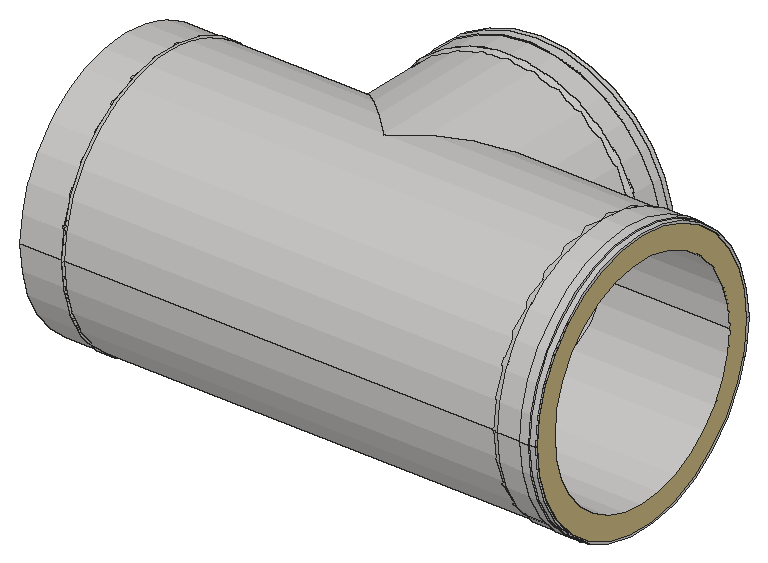
Revit family "Construction_Chimney_Oli_INOX-TEE-MALE-90°-DW", category Pipe Fittings, Revit 2015
Parameters
  Youtube clip = ""
  Weight Net (Kg) = ""
  Virtual Socket Type [instance] = Socket Type : Positive
  Virtual Socket [instance] = no
  Uniformat II Description = ""
  Uniformat II Code = ""
  Uniclass 2015 Name = ""
  Uniclass 2015 Code = ""
  Uniclass 2.0 Description = ""
  Uniclass 2.0 Code = ""
  Uniclass 1.4 Description = ""
  Uniclass 1.4 Code = ""
  URL = "www.olisrl.it"
  UNSPSC Code = ""
  Type of Element = "Junction"  # constant formula
  Type Image = OL016218_Tee maschio 90° INOX DP.jpg
  Twist Socket [instance] = if(Nominal Diameter = 80 mm, 1 = 1, if(Nominal Diameter = 100 mm, 1 = 1, if(Nominal Diameter = 130 mm, 1 = 1, if(Nominal Diameter = 150 mm, 1 = 1, if(Nominal Diameter = 180 mm, 1 = 1, if(Nominal Diameter = 200 mm, 1 = 1, 1 = 0))))))  # no
  Traditional Socket [instance] = not(Twist Socket)  # yes
  Termal resistance [instance] = if(Nominal Diameter = 130 mm, "0,36 m2k/W", if(Nominal Diameter = 150 mm, "0,37 m2k/W", if(Nominal Diameter = 180 mm, "0,39 m2k/W", if(Nominal Diameter = 200 mm, "0,40 m2k/W", if(Nominal Diameter = 230 mm, "0,41 m2k/W", if(Nominal Diameter = 250 mm, "0,42 m2k/W", if(Nominal Diameter = 300 mm, "0,42 m2k/W", if(Nominal Diameter = 350 mm, "0,42 m2k/W", if(Nominal Diameter = 400 mm, "0,43 m2k/W", if(Nominal Diameter = 450 mm, "0,43 m2k/W", "NA"))))))))))  # "0,42 m2k/W"
  Technical description = "http://www.olisrl.it/download/C_OLIFLEX_A80-2_IT-GB.pdf"
  Region South America = "All"
  Region Oceania = "All"
  Region North America = "All"
  Region Middle East = "All"
  Region Europe = "All"
  Region Asia = "All"
  Region Antarctica = "All"
  Region Africa = "All"
  QR code = "http://bimobject.com/oli/product/OL016218-stainless-steel-pipe-rigid-element-chimney-Condensing-gas-boilers-Kitchen-wood-pellet"
  Product url = "http://www.olisrl.it/download/VOCE%20di%20CAPITOLATO_OLIflex_DP25_Inox-ISOLATO-Lana_rev2.pdf"
  Product group = "TEE MALE 90° DW"
  Product family = "OLIFLEX D.P. Inox 25 Mineral Wool insulation"
  Product data url = "https://bimobject.com/oli/product/OL016218-stainless-steel-pipe-rigid-element-chimney-Condensing-gas-boilers-Kitchen-wood-pellet"
  Product certification = "http://www.olisrl.it/download/Oliflex-DP01.pdf"
  Product SKU = "OL016218-stainless-steel-pipe-rigid-element-chimney-Condensing-gas-boilers-Kitchen-wood-pellet"
  Product Material = Stainless Steel - Oli - Corrosion resistant
  Product Guid = "7e4b48be-00d6-4a58-92ba-4ea4be6740c5"
  Product Family = "OLIFLEX D.P. Inox 25 Mineral Wool insulation"  # constant formula
  Positive Socket [instance] = Socket Type : Positive
  Positive 3 [instance] = and(Virtual Socket Type = Positive Socket, Fake Traditional Socket)  # no
  Positive 2 [instance] = and(Virtual Socket Type = Positive Socket, Fake Twist Socket)  # no
  Positive 1 [instance] = and(Virtual Socket Type = Positive Socket, Traditional Socket)  # yes
  Positive [instance] = and(Virtual Socket Type = Positive Socket, Twist Socket)  # no
  OmniClass Description = ""
  OmniClass Code = ""
  Note [instance] = if(Nominal Diameter = 130 mm, "Dist. to combustible material = T200 (O 00 mm.) / T600 (G 65 mm.)", if(Nominal Diameter = 150 mm, "Dist. to combustible material = T200 (O 00 mm.) / T600 (G 65 mm.)", if(Nominal Diameter = 180 mm, "Dist. to combustible material = T200 (O 00 mm.) / T600 (G 65 mm.)", if(Nominal Diameter = 200 mm, "Dist. to combustible material = T200 (O 00 mm.) / T600 (G 65 mm.)", if(Nominal Diameter = 230 mm, "Dist. to combustible material = T200 (O 00 mm.) / T600 (G 65 mm.)", if(Nominal Diameter = 250 mm, "Dist. to combustible material = T200 (O 00 mm.) / T600 (G 65 mm.)", if(Nominal Diameter = 300 mm, "Dist. to combustible material = T200 (O 00 mm.) / T600 (G 65 mm.)", if(Nominal Diameter = 350 mm, "Dist. to combustible material = T200 (O 00 mm.) / T600 (G 98 mm.)", if(Nominal Diameter = 400 mm, "Dist. to combustible material = T200 (O 00 mm.) / T600 (G 98 mm.)", if(Nominal Diameter = 450 mm, "Dist. to combustible material = T200 (O 00 mm.) / T600 (G 98 mm.)", "NA"))))))))))  # "Dist. to combustible material = T200 (O 00 mm.) / T600 (G 65 mm.)"
  Not VS2 [instance] = and(not(Virtual Socket), Virtual Socket Type = Positive Socket)  # yes
  Not VS1 [instance] = and(not(Virtual Socket), Virtual Socket Type = Negative Socket)  # no
  Nominal width = 0 mm
  Nominal height = 0 mm
  Nominal Diameter [instance] = 250 mm
  Negative Socket [instance] = Socket Type : Negative
  Negative 3 [instance] = and(Virtual Socket Type = Negative Socket, Fake Traditional Socket)  # no
  Negative 2 [instance] = and(Virtual Socket Type = Negative Socket, Fake Twist Socket)  # no
  Negative 1 [instance] = and(Virtual Socket Type = Negative Socket, Traditional Socket)  # no
  Negative [instance] = and(Twist Socket, Virtual Socket Type = Negative Socket)  # no
  ND2 [instance] = Outside Diameter / 2 + 2 mm  # 152 mm
  ND1 [instance] = Outside Diameter / 2  # 150 mm
  ND [instance] = Outside Diameter / 2 - 5 mm  # 145 mm
  NBS Reference Description = ""
  NBS Reference Code = ""
  Model Description [instance] = if(Nominal Diameter = 130 mm, "TEE MALE 90° DW Diam. 80", if(Nominal Diameter = 150 mm, "TEE MALE 90° DW Diam. 100", if(Nominal Diameter = 180 mm, "TEE MALE 90° DW Diam. 130", if(Nominal Diameter = 200 mm, "TEE MALE 90° DW Diam. 150", if(Nominal Diameter = 230 mm, "TEE MALE 90° DW Diam. 180", if(Nominal Diameter = 250 mm, "TEE MALE 90° DW Diam. 200", if(Nominal Diameter = 300 mm, "TEE MALE 90° DW Diam. 250", if(Nominal Diameter = 350 mm, "TEE MALE 90° DW Diam. 300", if(Nominal Diameter = 400 mm, "TEE MALE 90° DW Diam. 350", if(Nominal Diameter = 450 mm, "TEE MALE 90° DW Diam. 400", "NA"))))))))))  # "TEE MALE 90° DW Diam. 200"
  Maximum Temperature = "without seal +600° C (temp. test. +700° C) - with seal +200° C (temp. test. +250° C)"  # constant formula
  Material secondary = "Polished stainless steel - Est. AISI 304"
  Material main = "Stainless steel"
  Material = "Int. AISI 316 sp. 0,5 mm. - Est. AISI 304 sp. 0,5 mm."
  Masterformat 2014 Description = ""
  Masterformat 2014 Code = ""
  Manufacturer name = "Oli"
  Manufacturer country = "Italy"
  Manufacturer = "Oli"  # constant formula
  Lookup Table Name [instance] = "Oli_male_TEE_90"
  L [instance] = size_lookup(Lookup Table Name, "L", 0 mm, Nominal Diameter)  # 540 mm
  Keynote = "15200"
  Insulazione tipe = "25 mm. - Mineral Wood"  # constant formula
  Installation instructions = "http://www.olisrl.it/download/C_OLIFLEX_A80-2_IT-GB.pdf"
  Outside Diameter [instance] = size_lookup(Lookup Table Name, "D1", 0 mm, Nominal Diameter)  # 300 mm
  IFC Classification = ""
  Fire Resistence = "without seal \"G\" (Resistant to the soot fire) - with seal \"O\" (Not resistant to the soot fire)"
  Fake Twist Socket [instance] = and(Virtual Socket, Twist Socket)  # no
  Fake Traditional Socket [instance] = and(Virtual Socket, Traditional Socket)  # no
  Edition number = 1
  EAN code = ""
  Dimensions [instance] = if(Nominal Diameter = 130 mm, "Int. 80 mm. - est. 130 mm. - sp. 25 mm.", if(Nominal Diameter = 150 mm, "Int. 100 mm. - est. 150 mm. - sp. 25 mm.", if(Nominal Diameter = 180 mm, "Int. 130 mm. - est. 180 mm. - sp. 25 mm.", if(Nominal Diameter = 200 mm, "Int. 150 mm. - est. 200 mm. - sp. 25 mm.", if(Nominal Diameter = 230 mm, "Int. 180 mm. - est. 230 mm. - sp. 25 mm.", if(Nominal Diameter = 250 mm, "Int. 200 mm. - est. 250 mm. - sp. 25 mm.", if(Nominal Diameter = 300 mm, "Int. 250 mm. - est. 300 mm. - sp. 25 mm.", if(Nominal Diameter = 350 mm, "Int. 300 mm. - est. 350 mm. - sp. 25 mm.", if(Nominal Diameter = 400 mm, "Int. 350 mm. - est. 400 mm. - sp. 25 mm.", if(Nominal Diameter = 450 mm, "Int. 400 mm. - est. 450 mm. - sp. 25 mm.", "NA"))))))))))  # "Int. 200 mm. - est. 250 mm. - sp. 25 mm."
  Design country = "Italy"
  Description = "Tee male 90°, CE certified product in according with EN 1856-1, is a system in Polished Stainless Steel for removal of the combustion products from condensation boilers, Kitchen and solid (Pellet - Wood) and liquid fuell . Produced in 80-130-150-180-200-250-300-350-400 mm diameters. This new system, composed of circular modular elements, resists both positive pressure (200 Pa - P1) and negative pressure (40 Pa depression). The OLIflex D.P. Inox 25 system is used principally for both the discharge of the products of combustion from domestic and industial boilers, wood and pellet stoes and fireplaces. D.P. Inox 25 is resistant to the soot fire (G) and the maximun operating temperature is T 600° and the product must guarantee a perfect seal against acidic condensation (corrosion class V2) in dry and wet conditions."  # constant formula
  Date of publishing = ""
  Construction Standard = "EN 1856-1 - chimney system"  # constant formula
  Connector 2 [instance] = if(Virtual Socket Type = Positive Socket, C / 2, (C / 2) - 50 mm)  # 295 mm
  Connector 1 [instance] = if(Virtual Socket Type = Negative Socket, C / 2, (C / 2) - 50 mm)  # 245 mm
  Connection elements [instance] = if(Nominal Diameter = 130 mm, "Quick screw connection - No lolocking band required", if(Nominal Diameter = 150 mm, "Quick screw connection - No lolocking band required", if(Nominal Diameter = 180 mm, "Quick screw connection - No lolocking band required", if(Nominal Diameter = 200 mm, "Quick screw connection - No lolocking band required", if(Nominal Diameter = 230 mm, "Quick screw connection - No lolocking band required", if(Nominal Diameter = 250 mm, "Quick screw connection - No lolocking band required", if(Nominal Diameter = 300 mm, "Quick screw connection - No lolocking band required", if(Nominal Diameter = 350 mm, "Male/Female connection - Requires locking band", if(Nominal Diameter = 400 mm, "Male/Female connection - Requires locking band", if(Nominal Diameter = 450 mm, "Male/Female connection - Requires locking band", "NA"))))))))))  # "Quick screw connection - No lolocking band required"
  Colors = "Polished stainless steel"  # constant formula
  COBIe Type Category = ""
  CE Designation/Performance without seal [instance] = if(Nominal Diameter = 130 mm, "T600 N1 D V2 L50050 G65", if(Nominal Diameter = 150 mm, "T600 N1 D V2 L50050 G65", if(Nominal Diameter = 180 mm, "T600 N1 D V2 L50050 G65", if(Nominal Diameter = 200 mm, "T600 N1 D V2 L50050 G65", if(Nominal Diameter = 230 mm, "T600 N1 D V2 L50050 G65", if(Nominal Diameter = 250 mm, "T600 N1 D V2 L50050 G65", if(Nominal Diameter = 300 mm, "T600 N1 D V2 L50050 G65", if(Nominal Diameter = 350 mm, "T600 N1 D V2 L50050 G98", if(Nominal Diameter = 400 mm, "T600 N1 D V2 L50050 G98", if(Nominal Diameter = 450 mm, "T600 N1 D V2 L50050 G98", "NA"))))))))))  # "T600 N1 D V2 L50050 G65"
  CE Designation/Performance with seal = "T200 P1 W V2 L50050 O00"  # constant formula
  C [instance] = size_lookup(Lookup Table Name, "C", 0 mm, Nominal Diameter)  # 590 mm
  Brand url = "http://www.oli-world.com"
  BIMobject main category code = ""
  BIMobject main category = ""
  BIMobject category code = ""
  BIMobject category = ""
  B' [instance] = B + Nominal Diameter / 2  # 225 mm
  B [instance] = size_lookup(Lookup Table Name, "B", 0 mm, Nominal Diameter)  # 100 mm
  Available Sizes [instance] = "80, 100, 130, 150, 180, 200, 250, 300, 350, 400 mm"  # constant formula
  Assembly Code = "D30"
  Article Number [instance] = size_lookup(Lookup Table Name, "", " NA ", Nominal Diameter)  # "OL0162187"
  Application = "Gas normale e a condensazione + Combust. Solidi e Liquidi"  # constant formula
  Angle [instance] = 90.00°  # constant formula
  A(1/3) [instance] = A * 1 / 3  # 16.667 mm
  A [instance] = size_lookup(Lookup Table Name, "A", 0 mm, Nominal Diameter)  # 50 mm
Reference planes
  plane 1 "Center (Front/Back)": y = 0
  plane 2: z = 0
  plane 3 "Center (Left/Right)": x = 0
  plane 4: x = -295
  plane 5: x = 295
  plane 6: y = 225
Forms (mm)
  Sweep 1, solid, material "Stainless Steel - Oli - Corrosion resistant" <- "Product Material", detail levels fine
    path origin (0, 0, 0) x (1, 0, 0) y (0, 1, 0)
      loop
        line (-295, 0) -> (295, 0)
    profile origin (0, 0, 0) x (0, 1, 0) y (0, 0, 1)
      loop
        circle (0, 0) r 150
      loop
        circle (0, 0) r 125
  Sweep 2, solid, material "Stainless Steel - Oli - Corrosion resistant" <- "Product Material", detail levels fine
    path origin (0, 0, 0) x (1, 0, 0) y (0, 1, 0)
      loop
        line (0, 225) -> (0, 0)
    profile origin (0, 112.5, 0) x (1, 0, 0) y (0, 0, 1)
      loop
        circle (0, 0) r 150
      loop
        circle (0, 0) r 125
  Sweep 3, void
    path origin (0, 0, 0) x (1, 0, 0) y (0, 1, 0)
      loop
        line (-150, 0) -> (150, 0)
    profile origin (0, 0, 0) x (0, 1, 0) y (0, 0, 1)
      loop
        circle (0, 0) r 125
  Revolve 4, solid, material "Stainless Steel - Oli - Corrosion resistant" <- "Product Material", visible <- "Negative 1", detail levels fine
    sketch origin (0, 0, 0) x (-1, 0, 0) y (0, 1, 0)
      loop
        line (295, 150) -> (295, 152) -> (288, 152) -> (288, 153) -> (278.333, 153) -> (278.333, 152) -> (252, 152) -> (245, 150) -> (295, 150)
      axis (245, 0) -> (295, 0)
    angle from 0 to 360
  Revolve 5, solid, material "Stainless Steel - Oli - Corrosion resistant" <- "Product Material", visible <- "Traditional Socket", detail levels fine
    sketch origin (0, 5, 0) x (0, 1, 0) y (1, 0, 0)
      loop
        line (220, 150) -> (220, 152) -> (213, 152) -> (213, 153) -> (203.333, 153) -> (203.333, 152) -> (177, 152) -> (170, 150) -> (220, 150)
      axis (170, 0) -> (220, 0)
    angle from 0 to 360
  Revolve 6, solid, material "Stainless Steel - Oli - Corrosion resistant" <- "Product Material", visible <- "Negative", detail levels fine
    sketch origin (0, 0, 0) x (1, 0, 0) y (0, 1, 0)
      loop
        line (-295, 150) -> (-245, 150) -> (-252, 152) -> (-262, 152) -> (-262, 151.2) -> (-267, 151.2) -> (-267, 152) -> (-275, 152) -> (-275, 153.037) -> (-285, 153.037) -> (-285, 152) -> (-295, 152) -> (-295, 150)
      axis (-295, 0) -> (-245, 0)
    angle from 0 to 360
  Revolve 7, solid, material "Stainless Steel - Oli - Corrosion resistant" <- "Product Material", visible <- "Twist Socket", detail levels fine
    sketch origin (0, 5, 0) x (0, -1, 0) y (1, 0, 0)
      loop
        line (-220, 150) -> (-170, 150) -> (-177, 152) -> (-187, 152) -> (-187, 151.205) -> (-192, 151.205) -> (-192, 152) -> (-200, 152) -> (-200, 152.97) -> (-210, 152.97) -> (-210, 152) -> (-220, 152) -> (-220, 150)
      axis (-220, 0) -> (-170, 0)
    angle from 0 to 360
  Revolve 8, solid, material "Stainless Steel - Oli - Corrosion resistant" <- "Product Material", visible <- "Negative 2", detail levels fine
    sketch origin (540, 0, 0) x (1, 0, 0) y (0, 1, 0)
      loop
        line (-295, 150) -> (-245, 150) -> (-252, 152) -> (-262, 152) -> (-262, 151.2) -> (-267, 151.2) -> (-267, 152) -> (-275, 152) -> (-275, 153.037) -> (-285, 153.037) -> (-285, 152) -> (-295, 152) -> (-295, 150)
      axis (-295, 0) -> (-245, 0)
    angle from 0 to 360
  Revolve 9, solid, material "Stainless Steel - Oli - Corrosion resistant" <- "Product Material", visible <- "Negative 3", detail levels fine
    sketch origin (540, 0, 0) x (-1, 0, 0) y (0, 1, 0)
      loop
        line (295, 150) -> (295, 152) -> (288, 152) -> (288, 153) -> (278.333, 153) -> (278.333, 152) -> (252, 152) -> (245, 150) -> (295, 150)
      axis (245, 0) -> (295, 0)
    angle from 0 to 360
  Sweep 10, solid, not visible
    path origin (0, 0, 0) x (1, 0, 0) y (0, 1, 0)
      loop
        line (-245, 0) -> (295, 0)
    profile origin (25, 0, 0) x (0, 1, 0) y (0, 0, 1)
      loop
        circle (0, 0) r 0.5
  Revolve 11, solid, material "Stainless Steel - Oli - Corrosion resistant" <- "Product Material", visible <- "Not VS1", detail levels fine
    sketch origin (0, 0, 0) x (1, 0, 0) y (0, 1, 0)
      loop
        line (249, 150) -> (246, 151.732) -> (245, 150) -> (249, 150)
      axis (249, 0) -> (245, 0)
    angle from 0 to 360
  Revolve 12, solid, material "Stainless Steel - Oli - Corrosion resistant" <- "Product Material", visible <- "Positive 3", detail levels fine
    sketch origin (-444, 0, 0) x (1, 0, 0) y (0, 1, 0)
      loop
        line (199, 150) -> (199, 152) -> (192, 152) -> (192, 153) -> (182.333, 153) -> (182.333, 152) -> (156, 152) -> (149, 150) -> (199, 150)
      axis (149, 0) -> (199, 0)
    angle from 0 to 360
  Revolve 13, solid, material "Stainless Steel - Oli - Corrosion resistant" <- "Product Material", visible <- "Positive 2", detail levels fine
    sketch origin (-444, 0, 0) x (-1, 0, 0) y (0, 1, 0)
      loop
        line (-199, 150) -> (-149, 150) -> (-156, 152) -> (-166, 152) -> (-166, 151.2) -> (-171, 151.2) -> (-171, 152) -> (-179, 152) -> (-179, 153.037) -> (-189, 153.037) -> (-189, 152) -> (-199, 152) -> (-199, 150)
      axis (-199, 0) -> (-149, 0)
    angle from 0 to 360
  Revolve 14, solid, material "Stainless Steel - Oli - Corrosion resistant" <- "Product Material", visible <- "Positive", detail levels fine
    sketch origin (-96, 0, 0) x (-1, 0, 0) y (0, 1, 0)
      loop
        line (-391, 150) -> (-341, 150) -> (-348, 152) -> (-358, 152) -> (-358, 151.2) -> (-363, 151.2) -> (-363, 152) -> (-371, 152) -> (-371, 153.037) -> (-381, 153.037) -> (-381, 152) -> (-391, 152) -> (-391, 150)
      axis (-391, 0) -> (-341, 0)
    angle from 0 to 360
  Revolve 15, solid, material "Stainless Steel - Oli - Corrosion resistant" <- "Product Material", visible <- "Positive 1", detail levels fine
    sketch origin (-96, 0, 0) x (1, 0, 0) y (0, 1, 0)
      loop
        line (391, 150) -> (391, 152) -> (384, 152) -> (384, 153) -> (374.333, 153) -> (374.333, 152) -> (348, 152) -> (341, 150) -> (391, 150)
      axis (341, 0) -> (391, 0)
    angle from 0 to 360
  Revolve 16, solid, material "Stainless Steel - Oli - Corrosion resistant" <- "Product Material", visible <- "Not VS2", detail levels fine
    sketch origin (0, 0, 0) x (-1, 0, 0) y (0, 1, 0)
      loop
        line (249, 150) -> (246, 151.732) -> (245, 150) -> (249, 150)
      axis (249, 0) -> (245, 0)
    angle from 0 to 360
Cuts and joins
  Sweep 3 cuts Sweep 2
  joined: Sweep 1, Sweep 2
Lines and regions (mm)
  model lines, detail levels coarse+medium
    curve 1: line (-245, 0, 0) -> (295, 0, 0)
    curve 2: line (-245, 125, 0) -> (-245, -125, 0)
    curve 3: line (295, 125, 0) -> (295, -125, 0)
    curve 4: line (0, 0, 0) -> (0, 225, 0)
    curve 5: line (-125, 225, 0) -> (125, 225, 0)
Dimensions and locks
  equal spacing: plane 4, plane 3 "Center (Left/Right)", plane 5
  "C": plane 4 to plane 5
  "B'": plane 1 "Center (Front/Back)" to plane 6
  equal spacing: Sweep 3 sketch curve, plane 3 "Center (Left/Right)", Sweep 3 sketch curve
  "Outside Diameter": Sweep 3 sketch curve to Sweep 3 sketch curve
  equal spacing: curve 2, plane 1 "Center (Front/Back)", curve 2
  "Nominal Diameter": curve 2 to curve 2
  equal spacing: curve 3, plane 1 "Center (Front/Back)", curve 3
  "Nominal Diameter": curve 3 to curve 3
  equal spacing: curve 5, plane 3 "Center (Left/Right)", curve 5
  "Nominal Diameter": curve 5 to curve 5
  locked: Revolve 4 sketch curve to Revolve 4 sketch curve at 1
  locked: Revolve 5 sketch curve to Revolve 5 sketch curve at 1
  "A": plane 4 to Revolve 4 sketch curve
  locked: plane 4 to Revolve 4 sketch curve at 43
  locked: plane 4 to Revolve 4 sketch curve at 7
  "A(1/3)": plane 4 to Revolve 4 sketch curve
  "ND1": plane 1 "Center (Front/Back)" to Revolve 4 sketch curve
  locked: Revolve 4 sketch curve to Revolve 4 sketch curve at 2
  "ND1": plane 3 "Center (Left/Right)" to Revolve 5 sketch curve
  locked: Revolve 5 sketch curve to Revolve 5 sketch curve at 2
  "A": plane 6 to Revolve 5 sketch curve
  locked: plane 6 to Revolve 5 sketch curve at 43
  locked: plane 6 to Revolve 5 sketch curve at 7
  "A(1/3)": plane 6 to Revolve 5 sketch curve
  "ND1": plane 1 "Center (Front/Back)" to Revolve 6 sketch curve
  "ND1": plane 3 "Center (Left/Right)" to Revolve 7 sketch curve
  locked: Revolve 4 to Revolve 6 sketch curve at 43
  locked: Revolve 6 sketch curve to Revolve 6 sketch curve at 2
  locked: Revolve 6 sketch curve to Revolve 6 sketch curve at 3.037
  locked: Revolve 6 sketch curve to Revolve 6 sketch curve at 0.8
  locked: Revolve 4 to Revolve 6 sketch curve at 10
  locked: Revolve 6 sketch curve to Revolve 6 sketch curve at 10
  locked: Revolve 6 sketch curve to Revolve 6 sketch curve at 8
  locked: Revolve 6 sketch curve to Revolve 6 sketch curve at 5
  "A": plane 6 to Revolve 7 sketch curve
  locked: Revolve 7 sketch curve to Revolve 7 sketch curve at 2
  locked: Revolve 7 sketch curve to Revolve 7 sketch curve at 2.97
  locked: Revolve 7 sketch curve to Revolve 7 sketch curve at 0.795
  locked: plane 6 to Revolve 7 sketch curve at 43
  locked: plane 6 to Revolve 7 sketch curve at 10
  locked: Revolve 7 sketch curve to Revolve 7 sketch curve at 10
  locked: Revolve 7 sketch curve to Revolve 7 sketch curve at 5
  locked: Revolve 7 sketch curve to Revolve 7 sketch curve at 8
  locked: Revolve 8 sketch curve to Revolve 8 sketch curve at 2
  locked: Revolve 8 sketch curve to Revolve 8 sketch curve at 3.037
  locked: Revolve 8 sketch curve to Revolve 8 sketch curve at 0.8
  locked: Revolve 8 sketch curve to Revolve 8 sketch curve at 10
  locked: Revolve 8 sketch curve to Revolve 8 sketch curve at 8
  locked: Revolve 8 sketch curve to Revolve 8 sketch curve at 5
  locked: Revolve 8 sketch curve to plane 5 at 50
  "ND1": plane 1 "Center (Front/Back)" to Revolve 8 sketch curve
  locked: Revolve 9 sketch curve to Revolve 9 sketch curve at 1
  locked: Revolve 9 sketch curve to Revolve 9 sketch curve at 2
  locked: Revolve 9 sketch curve to plane 5 at 50
  "ND1": plane 1 "Center (Front/Back)" to Revolve 9 sketch curve
  Sweep 10 sketch curve to plane 5 = 540 mm
  locked: Revolve 11 sketch curve to Revolve 11 sketch curve at 3.464
  locked: Revolve 11 sketch curve to Revolve 11 sketch curve at 2
  locked: Revolve 11 sketch curve to Revolve 11 sketch curve at 4
  locked: Revolve 11 sketch curve to plane 5 at 50
  "ND1": Revolve 11 sketch curve to plane 1 "Center (Front/Back)"
  locked: Revolve 12 sketch curve to Revolve 12 sketch curve at 1
  locked: Revolve 12 sketch curve to Revolve 12 sketch curve at 2
  locked: Revolve 12 to Revolve 13 sketch curve at 43
  locked: Revolve 13 sketch curve to Revolve 13 sketch curve at 2
  locked: Revolve 13 sketch curve to Revolve 13 sketch curve at 3.037
  locked: Revolve 13 sketch curve to Revolve 13 sketch curve at 0.8
  locked: Revolve 12 to Revolve 13 sketch curve at 10
  locked: Revolve 13 sketch curve to Revolve 13 sketch curve at 10
  locked: Revolve 13 sketch curve to Revolve 13 sketch curve at 8
  locked: Revolve 13 sketch curve to Revolve 13 sketch curve at 5
  "A": plane 4 to Revolve 13 sketch curve
  locked: Revolve 14 sketch curve to Revolve 14 sketch curve at 2
  locked: Revolve 14 sketch curve to Revolve 14 sketch curve at 3.037
  locked: Revolve 14 sketch curve to Revolve 14 sketch curve at 0.8
  locked: Revolve 14 sketch curve to Revolve 14 sketch curve at 10
  locked: Revolve 14 sketch curve to Revolve 14 sketch curve at 8
  locked: Revolve 14 sketch curve to Revolve 14 sketch curve at 5
  locked: Revolve 15 sketch curve to Revolve 15 sketch curve at 1
  locked: Revolve 15 sketch curve to Revolve 15 sketch curve at 2
  "Connector 1": Sweep 10 sketch curve to plane 3 "Center (Left/Right)"
  "Connector 2": plane 3 "Center (Left/Right)" to Sweep 10 sketch curve
  "Connector 2": plane 3 "Center (Left/Right)" to curve 3
  "Connector 1": curve 2 to plane 3 "Center (Left/Right)"
  locked: Revolve 16 sketch curve to Revolve 16 sketch curve at 3.464
  locked: Revolve 16 sketch curve to Revolve 16 sketch curve at 2
  locked: Revolve 16 sketch curve to Revolve 16 sketch curve at 4
  "A": plane 4 to Revolve 16 sketch curve
  "ND1": plane 1 "Center (Front/Back)" to Revolve 16 sketch curve
  "Outside Diameter": diameter of Sweep 1 sketch curve
  "Nominal Diameter": diameter of Sweep 1 sketch curve
  "Outside Diameter": diameter of Sweep 2 sketch curve
  "Nominal Diameter": diameter of Sweep 2 sketch curve
  "Nominal Diameter": diameter of Sweep 3 sketch curve
  aligned and locked: level to plane 2
  aligned and locked: plane 4 to Sweep 1 sketch curve
  aligned and locked: plane 5 to Sweep 1 sketch curve
  aligned and locked: plane 1 "Center (Front/Back)" to Sweep 1 sketch curve
  aligned and locked: plane 6 to Sweep 2 sketch curve
  aligned and locked: plane 1 "Center (Front/Back)" to Sweep 2 sketch curve
  aligned and locked: Sweep 2 sketch curve to plane 3 "Center (Left/Right)"
  aligned and locked: plane 1 "Center (Front/Back)" to Sweep 3 sketch curve
  aligned and locked: plane 6 to curve 4
  aligned and locked: plane 1 "Center (Front/Back)" to curve 4
  aligned and locked: plane 3 "Center (Left/Right)" to curve 4
  aligned and locked: plane 1 "Center (Front/Back)" to curve 1
  aligned and locked: curve 5 to plane 6
  aligned and locked: Revolve 4 sketch curve to Revolve 4 sketch curve
  aligned and locked: Revolve 5 sketch curve to Revolve 5 sketch curve
  aligned and locked: plane 4 to Revolve 4 sketch curve
  aligned and locked: plane 4 to Revolve 6 sketch curve
  aligned and locked: Revolve 6 sketch curve to Revolve 6 sketch curve  (x2)
  aligned and locked: Revolve 7 sketch curve to Revolve 7 sketch curve  (x2)
  aligned and locked: Revolve 7 sketch curve to plane 6
  aligned and locked: Revolve 8 sketch curve to Revolve 8 sketch curve  (x2)
  aligned and locked: Revolve 9 sketch curve to Revolve 9 sketch curve
  aligned and locked: plane 1 "Center (Front/Back)" to Sweep 10 sketch curve  (x2)
  aligned and locked: plane 2 to Sweep 10 sketch curve
  aligned and locked: Revolve 11 sketch curve to plane 1 "Center (Front/Back)"
  aligned and locked: Revolve 12 sketch curve to Revolve 12 sketch curve
  aligned and locked: Revolve 13 sketch curve to Revolve 13 sketch curve  (x2)
  aligned and locked: plane 4 to Revolve 13 sketch curve
  aligned and locked: Revolve 14 sketch curve to Revolve 14 sketch curve  (x2)
  aligned and locked: Revolve 15 sketch curve to Revolve 15 sketch curve
  aligned and locked: plane 5 to Revolve 15 sketch curve
  aligned and locked: plane 5 to Revolve 14 sketch curve
  aligned and locked: Revolve 16 sketch curve to plane 1 "Center (Front/Back)"
Automatic sketch dimensions
  plane 1 "Center (Front/Back)" to Revolve 12 sketch curve = 0 mm
  Revolve 12 sketch curve to plane 4 = 0 mm
  plane 4 to Revolve 12 sketch curve = 7 mm
  Revolve 12 sketch curve to Revolve 12 sketch curve = 26.333 mm
  Revolve 12 sketch curve to Revolve 12 sketch curve = 9.667 mm
  Revolve 12 sketch curve to Revolve 12 sketch curve = 7 mm
  Revolve 12 sketch curve to plane 6 = 75 mm
  Revolve 12 sketch curve to plane 4 = 85 mm
  Revolve 12 sketch curve to Revolve 12 sketch curve = 112 mm
  plane 1 "Center (Front/Back)" to Revolve 14 sketch curve = 0 mm
  Revolve 14 sketch curve to plane 5 = 0 mm
  plane 5 to Revolve 14 sketch curve = 10 mm
  Revolve 14 sketch curve to Revolve 14 sketch curve = 10 mm
  Revolve 14 sketch curve to Revolve 14 sketch curve = 7 mm
  plane 6 to Revolve 14 sketch curve = 75 mm
  Revolve 14 sketch curve to Revolve 14 sketch curve = 35 mm
  plane 1 "Center (Front/Back)" to Revolve 15 sketch curve = 0 mm
  Revolve 15 sketch curve to Revolve 15 sketch curve = 7 mm  (x2)
  Revolve 15 sketch curve to Revolve 15 sketch curve = 9.667 mm
  Revolve 15 sketch curve to Revolve 15 sketch curve = 26.333 mm
  Revolve 15 sketch curve to plane 6 = 75 mm
  plane 3 "Center (Left/Right)" to Revolve 15 sketch curve = 64 mm
  Revolve 15 sketch curve to plane 3 "Center (Left/Right)" = 48 mm
  Sweep 1 sketch curve to Sweep 1 sketch curve = 0 mm  (x2)
  Sweep 1 sketch curve to level = 0 mm
  Sweep 1 sketch curve to profile plane = 0 mm
  Sweep 2 sketch curve to Sweep 2 sketch curve = 0 mm  (x2)
  Sweep 2 sketch curve to level = 0 mm
  profile plane to Sweep 2 sketch curve = 0 mm
  Sweep 3 sketch curve to level = 0 mm
  Sweep 3 sketch curve to profile plane = 0 mm
  plane 1 "Center (Front/Back)" to Revolve 4 sketch curve = 0 mm
  Revolve 4 sketch curve to plane 3 "Center (Left/Right)" = 0 mm
  plane 3 "Center (Left/Right)" to Revolve 4 sketch curve = 112 mm
  Revolve 5 sketch curve to plane 3 "Center (Left/Right)" = 0 mm
  Revolve 5 sketch curve to plane 6 = 0 mm
  plane 1 "Center (Front/Back)" to Revolve 5 sketch curve = 5 mm
  plane 6 to Revolve 5 sketch curve = 23 mm
  plane 1 "Center (Front/Back)" to Revolve 6 sketch curve = 0 mm
  Revolve 6 sketch curve to plane 4 = 0 mm
  Revolve 6 sketch curve to Revolve 6 sketch curve = 7 mm
  Revolve 6 sketch curve to Revolve 6 sketch curve = 35 mm
  Revolve 7 sketch curve to plane 3 "Center (Left/Right)" = 0 mm
  Revolve 7 sketch curve to plane 6 = 0 mm
  Revolve 7 sketch curve to Revolve 7 sketch curve = 35 mm
  plane 1 "Center (Front/Back)" to Revolve 8 sketch curve = 0 mm
  Revolve 8 sketch curve to plane 5 = 0 mm
  Revolve 8 sketch curve to Revolve 8 sketch curve = 10 mm
  Revolve 8 sketch curve to plane 5 = 7 mm
  Revolve 8 sketch curve to plane 5 = 50 mm
  Revolve 8 sketch curve to plane 5 = 15 mm
  plane 1 "Center (Front/Back)" to Revolve 9 sketch curve = 0 mm
  Revolve 9 sketch curve to plane 5 = 0 mm
  plane 5 to Revolve 9 sketch curve = 7 mm
  Revolve 9 sketch curve to Revolve 9 sketch curve = 16.667 mm
  Revolve 9 sketch curve to Revolve 9 sketch curve = 7 mm
  Revolve 9 sketch curve to plane 5 = 133 mm
  Revolve 9 sketch curve to Revolve 9 sketch curve = 112 mm
  Revolve 11 sketch curve to plane 4 = 1705 mm
  plane 5 to Revolve 11 sketch curve = 1705 mm
  plane 1 "Center (Front/Back)" to Revolve 13 sketch curve = 0 mm
  plane 6 to Revolve 13 sketch curve = 75 mm
  Revolve 13 sketch curve to plane 4 = 50 mm
  Revolve 13 sketch curve to plane 4 = 15 mm
  Revolve 16 sketch curve to plane 5 = 1705 mm
  plane 4 to Revolve 16 sketch curve = 1705 mm
  radius of Sweep 10 sketch curve = 0.5 mm
Connectors
  piping at (0, 225, 0), diameter 250, driven by "Nominal Diameter", driven by "Angle"
    settings: on cut or joined group of Sweep 1, Sweep 2, Sweep 3, index 3, connector inside diameter 609.6 mm, connector length 0 mm, flow factor 0, pipe flow 0.0 L/s, pressure drop 0.0 Pa, fitting loss kfactor 0, connector angle 90.00°, fixture units 0, engagement length 0 mm, angle of deflection 0.00°, flow configuration 0, flow direction 0, fitting loss method 0, system type 28, joint type 0, gender type 0, connector reference index -1, connector utility 0, adjustable connector no, is connector primary no, connector description ""
  piping at (295, 0, 0), diameter 250, driven by "Nominal Diameter"
    settings: on Sweep 10, index 4, connector inside diameter 609.6 mm, connector length 0 mm, flow factor 0, pipe flow 0.0 L/s, pressure drop 0.0 Pa, fitting loss kfactor 0, connector angle 0.00°, fixture units 0, engagement length 0 mm, angle of deflection 0.00°, flow configuration 0, flow direction 0, fitting loss method 0, system type 28, joint type 0, gender type 0, connector reference index 5, connector utility 0, adjustable connector no, is connector primary no, connector description ""
  piping at (-245, 0, 0), diameter 250, driven by "Nominal Diameter"
    settings: on Sweep 10, index 5, connector inside diameter 609.6 mm, connector length 0 mm, flow factor 0, pipe flow 0.0 L/s, pressure drop 0.0 Pa, fitting loss kfactor 0, connector angle 0.00°, fixture units 0, engagement length 0 mm, angle of deflection 0.00°, flow configuration 0, flow direction 0, fitting loss method 0, system type 28, joint type 0, gender type 0, connector reference index 4, connector utility 0, adjustable connector no, is connector primary yes, connector description ""
